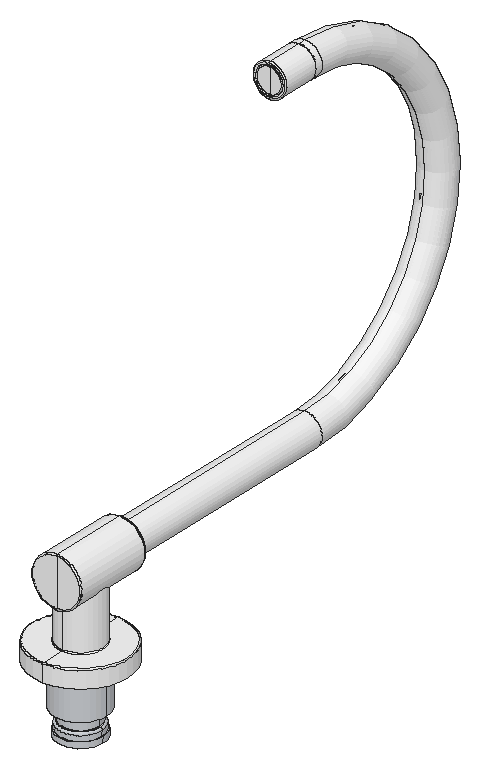
Revit family "Reece_Tap_Sussex_Scala_Wall Sink Outlet_Swivel", category Plumbing Fixtures, host Face, Revit 2018
Family settings
  Host = Face
  Round Connector Dimension = Use Diameter
  Part Type = Normal
  Cut with Voids When Loaded = No
  Shared = Yes
  Room Calculation Point = Yes
Parameters (values of type "236 mm_3 Star_Chrome")
  WFU = 0  # constant formula
  URL = "https://www.reece.com.au/product/-2261615"
  Type Comments = "Tap"
  Reece_Tap_Reach = 237 mm  # constant formula
  Reece_Tap_Inlet = 12 mm  # constant formula
  Reece_Tap_Height = 265 mm  # constant formula
  Reece_Tap_Clearance = 135 mm  # constant formula
  Reece_Product_Web Page = "https://www.reece.com.au/product/-2261615"
  Reece_Product_Type = "Tap"  # constant formula
  Reece_Product_Sub Brand = "Scala"  # constant formula
  Reece_Product_Number = "2261615"
  Reece_Product_Mount = "Wall Mounted"
  Reece_Product_Description = "Sussex Scala Wall Sink Swivel Outlet Chrome (3 Star)"
  Reece_Product_Brand = "Sussex"  # constant formula
  Reece_Overall_Height = 292 mm  # constant formula
  Reece_Material_Main = Reece_Brass_Chrome
  Reece_Detail_Type = "Wall Sink Outlet"  # constant formula
  Reece_Detail_Disclaimer = "THIS FILE IS THE PROPERTY OF THE REECE GROUP. IT MAY NOT BE REPRODUCED, REVERSE-ENGINEERED OR MODIFIED. ANY REPUBLICATION, TRANSMISSION OR DISTRIBUTION FOR THE PURPOSE OF COMMERCIALLY EXPLOITING THE FILES IS PROHIBITED."  # constant formula
  Reece_Detail_Additional = "Swivel"  # constant formula
  Model = "Scala"
  Manufacturer = "Sussex"
  Keynote = "Product #2261615, Reece_Tap_Sussex_Scala_Wall Sink Outlet_Swivel - 236 mm_3 Star_Chrome"
  HWFU = 0  # constant formula
  Disclaimer = "THIS FILE IS THE PROPERTY OF THE REECE GROUP. IT MAY NOT BE REPRODUCED, REVERSE-ENGINEERED OR MODIFIED. ANY REPUBLICATION, TRANSMISSION OR DISTRIBUTION FOR THE PURPOSE OF COMMERCIALLY EXPLOITING THE FILES IS PROHIBITED."  # constant formula
  Description = "Scala Wall Sink Swivel Outlet Chrome (3 Star)"
  Default Elevation = 1000 mm
  CWFU = 0  # constant formula
Types (2, lengths in mm): name | URL | Reece_Product_Web Page | Reece_Product_Number | Reece_Product_Description | Reece_Material_Main | Keynote | Description
  236 mm_3 Star_Chrome | "https://www.reece.com.au/product/-2261615" | "https://www.reece.com.au/product/-2261615" | "2261615" | "Sussex Scala Wall Sink Swivel Outlet Chrome (3 Star)" | Reece_Brass_Chrome | "Product #2261615, Reece_Tap_Sussex_Scala_Wall Sink Outlet_Swivel - 236 mm_3 Star_Chrome" | "Scala Wall Sink Swivel Outlet Chrome (3 Star)"
  236 mm_3 Star_Satin Chrome | "https://www.reece.com.au/product/-2261660" | "https://www.reece.com.au/product/-2261660" | "2261660" | "Sussex Scala Wall Sink Swivel Outlet Satin Chrome (3 Star)" | Reece_Brass_Satin Chrome | "Product #2261660, Reece_Tap_Sussex_Scala_Wall Sink Outlet_Swivel - 236 mm_3 Star_Satin Chrome" | "Scala Wall Sink Swivel Outlet Satin Chrome (3 Star)"
Reference planes
  plane 1 "Center (Front/Back)": y = 0
  plane 2 "Bottom": z = 0
  plane 3 "Center (Left/Right)": x = 0
  plane 4 "Top": z = 237
  plane 5: z = 47
  plane 6: y = 265
  plane 7: x = -27
  plane 8: x = 27
  plane 9: y = -12.5
  plane 10: y = 12.5
  plane 11: x = -12.5
  plane 12: x = 12.5
  plane 13: x = -14
  plane 14: x = 14
  plane 15: y = -27
  plane 16: y = 27
  plane 17: z = 246.5
Forms (mm)
  Revolve 1, solid, material "Reece_Brass_Chrome" <- "Reece_Material_Main"
    sketch origin (0, 0, 0) x (0, 1, 0) y (0, 0, 1)
      loop
        line (28.3, 47) -> (31.1, 47) -> (31.1, 56.5)
        arc (31.1, 56.5) -> (30.345, 59.193) -> (28.3, 61.1) r 5.179
        line (28.3, 61.1) -> (28.3, 47)
      axis (31.1, 47) -> (28.3, 47)
    angle from 0 to 360
  Sweep 2, solid, material "Reece_Brass_Chrome" <- "Reece_Material_Main"
    path origin (0, -2.031, 0) x (0, 1, 0) y (0, 0, 1)
      loop
        line (28.3, 47) -> (162.528, 47)
        arc (162.528, 47) -> (257.528, 142) -> (162.528, 237) r 95
        line (162.528, 237) -> (158.428, 237)
    profile origin (0, 93.383, 47) x (0, 0, 1) y (1, 0, 0)
      loop
        circle (0, 0) r 9.5
      loop
        circle (0, 0) r 7
  Revolve 3, solid, material "Reece_Brass_Chrome" <- "Reece_Material_Main"
    sketch origin (0, 12.7, 0) x (0, 1, 0) y (0, 0, 1)
      loop
        line (144.834, 237) -> (144.834, 245.719) -> (143.3, 245.719) -> (143.3, 246.5) -> (122.8, 246.5)
        arc (122.8, 246.5) -> (122.446, 246.354) -> (122.3, 246) r 0.5
        line (122.3, 246) -> (122.3, 244.937) -> (123.488, 244.937) -> (123.488, 244.087) -> (122.3, 243.878) -> (122.3, 237) -> (144.834, 237)
      axis (144.834, 237) -> (122.3, 237)
    angle from 0 to 360
  Extrusion 4, void
    sketch origin (0, 0, 0) x (1, 0, 0) y (0, 1, 0)
      loop
        circle (0, 0) r 18
    from 0 to -50
  Revolve 5, solid
    sketch origin (128.901, 0, 1219.2) x (1, 0, 0) y (0, 0, 1)
      loop
        line (-130.291, -1261.136) -> (-128.901, -1261.136) -> (-128.901, -1219.2) -> (-143.874, -1219.2) -> (-143.874, -1242.939) -> (-139.681, -1242.939) -> (-139.681, -1249.636) -> (-139.115, -1250.202) -> (-139.915, -1250.202)
        arc (-139.915, -1250.202) -> (-140.755, -1250.55) -> (-141.103, -1251.39) r 1.188
        line (-141.103, -1251.39) -> (-141.103, -1254.152) -> (-141.903, -1254.152) -> (-141.903, -1257.398) -> (-132.464, -1257.398) -> (-130.291, -1261.136)
      axis (-128.901, -1219.2) -> (-128.901, -1261.136)
    angle from 0 to 360
  Revolve 6, solid, material "Reece_Brass_Chrome" <- "Reece_Material_Main"
    sketch origin (0, 0, 0) x (0, 1, 0) y (0, 0, 1)
      loop
        line (0, 47) -> (-12.5, 47) -> (-12.5, 10.5)
        arc (-12.5, 10.5) -> (-12.646, 10.146) -> (-13, 10) r 0.5
        line (-13, 10) -> (-26.5, 10)
        arc (-26.5, 10) -> (-26.854, 9.854) -> (-27, 9.5) r 0.5
        line (-27, 9.5) -> (-27, 0) -> (0, 0) -> (0, 47)
      axis (0, 47) -> (0, 0)
    angle from 0 to 360
  Revolve 7, solid, material "Reece_Brass_Chrome" <- "Reece_Material_Main"
    sketch origin (0, 0, 0) x (0, 1, 0) y (0, 0, 1)
      loop
        line (28.773, 47) -> (28.773, 60.314) -> (27.965, 60.314) -> (27.965, 61.1) -> (-16.7, 61.1)
        arc (-16.7, 61.1) -> (-17.054, 60.954) -> (-17.2, 60.6) r 0.5
        line (-17.2, 60.6) -> (-17.2, 47) -> (28.773, 47)
      axis (28.773, 47) -> (-17.2, 47)
    angle from 0 to 360
Cuts and joins
  Extrusion 4 cuts Revolve 1
  joined: Revolve 1, Sweep 2, Revolve 6, Revolve 7
Text (mm)
  text "Reece Copyright © 2018, Reece Ltd." at (-1403.988, -1192.393, 0), in view "Ref. Level"
  text "Reece ©" at (44.384, 258.95, 192.345), in view "Reece Preview"
Dimensions and locks
  plane 4 "Top" to plane 2 "Bottom" = 237 mm  (x2)
  plane 5 to plane 2 "Bottom" = 47 mm  (x2)
  plane 1 "Center (Front/Back)" to plane 6 = 265 mm
  plane 7 to plane 8 = 54 mm
  plane 6 to plane 1 "Center (Front/Back)" = 265 mm
  "Reece_Tap_Reach": plane 4 "Top" to plane 2 "Bottom"
  plane 12 to plane 11 = 25 mm
  plane 13 to plane 14 = 28 mm
  "Reece_Overall_Height": plane 6 to plane 15
  plane 16 to plane 15 = 54 mm
  plane 17 to plane 2 "Bottom" = 246.5 mm
  Revolve 3 to plane 1 "Center (Front/Back)" = 135 mm
  "Reece_Tap_Height": plane 6 to plane 1 "Center (Front/Back)"
  aligned and locked: plane 2 "Bottom" to host face
  aligned and locked: level to host face
Automatic sketch dimensions
  host sketch curve to host sketch curve = 380.785 mm
  host sketch curve to host sketch curve = 317.421 mm
  Sweep 2 sketch curve to Sweep 2 sketch curve = 0 mm  (x2)
  Sweep 2 sketch curve to profile plane = 0 mm  (x2)
  Sweep 2 sketch curve to plane 5 = 0 mm
  Sweep 2 sketch curve to plane 4 "Top" = 0 mm
  Sweep 2 sketch curve to plane 6 = 104.503 mm
  Sweep 2 sketch curve to Sweep 2 sketch curve = 4.1 mm
  plane 16 to Sweep 2 sketch curve = 0.731 mm
  plane 1 "Center (Front/Back)" to Extrusion 4 sketch curve = 0 mm
  Extrusion 4 sketch curve to plane 3 "Center (Left/Right)" = 0 mm
  Revolve 5 sketch curve to level = 0 mm
  Revolve 5 sketch curve to plane 3 "Center (Left/Right)" = 0 mm  (x2)
  Revolve 5 sketch curve to plane 3 "Center (Left/Right)" = 1.39 mm
  Revolve 5 sketch curve to plane 3 "Center (Left/Right)" = 3.563 mm
  plane 11 to Revolve 5 sketch curve = 2.286 mm
  Revolve 5 sketch curve to Revolve 5 sketch curve = 0.566 mm  (x2)
  Revolve 5 sketch curve to Revolve 5 sketch curve = 0.8 mm
  plane 11 to Revolve 5 sketch curve = 0.298 mm
  Revolve 5 sketch curve to plane 11 = 0.502 mm
  plane 13 to Revolve 5 sketch curve = 0.973 mm
  Revolve 5 sketch curve to level = 23.739 mm
  Revolve 5 sketch curve to Revolve 5 sketch curve = 6.697 mm
  Revolve 5 sketch curve to Revolve 5 sketch curve = 2.762 mm
  Revolve 5 sketch curve to Revolve 5 sketch curve = 3.246 mm
  Revolve 5 sketch curve to Revolve 5 sketch curve = 3.739 mm
  Revolve 5 sketch curve to Revolve 5 sketch curve = 0.681 mm
  level to Revolve 5 sketch curve = 8.93 mm
  Revolve 1 sketch curve to plane 5 = 0 mm  (x2)
  plane 16 to Revolve 1 sketch curve = 1.079 mm
  Revolve 1 sketch curve to plane 16 = 1.3 mm
  Revolve 1 sketch curve to Revolve 1 sketch curve = 9.5 mm
  plane 10 to Revolve 1 sketch curve = 3.6 mm
  Revolve 1 sketch curve to Revolve 1 sketch curve = 2.8 mm
  Revolve 1 sketch curve to plane 9 = 7.052 mm
  Revolve 7 sketch curve to plane 5 = 0 mm  (x2)
  Revolve 7 sketch curve to plane 9 = 4.7 mm
  Revolve 7 sketch curve to Revolve 7 sketch curve = 0.5 mm
  Revolve 7 sketch curve to plane 16 = 0.965 mm
  plane 5 to Revolve 7 sketch curve = 13.314 mm
  Revolve 7 sketch curve to Revolve 7 sketch curve = 13.6 mm
  Revolve 7 sketch curve to Revolve 7 sketch curve = 2.352 mm
  plane 10 to Revolve 7 sketch curve = 3.6 mm
  Revolve 7 sketch curve to Revolve 7 sketch curve = 0.808 mm
  Revolve 3 sketch curve to plane 4 "Top" = 0 mm  (x2)
  plane 17 to Revolve 3 sketch curve = 0 mm
  plane 17 to Revolve 3 sketch curve = 1.562 mm
  Revolve 3 sketch curve to plane 16 = 108 mm
  Revolve 3 sketch curve to Revolve 3 sketch curve = 0 mm
  Revolve 3 sketch curve to Revolve 3 sketch curve = 1.188 mm
  plane 17 to Revolve 3 sketch curve = 0.781 mm
  Revolve 3 sketch curve to Revolve 3 sketch curve = 19.812 mm
  Revolve 3 sketch curve to Revolve 3 sketch curve = 1.534 mm  (x2)
  Revolve 3 sketch curve to Revolve 3 sketch curve = 1.06 mm
  Revolve 3 sketch curve to Revolve 3 sketch curve = 0.85 mm
  plane 17 to Revolve 3 sketch curve = 0.5 mm
  Revolve 3 sketch curve to Revolve 3 sketch curve = 6 mm
  Revolve 6 sketch curve to plane 15 = 0 mm
  Revolve 6 sketch curve to plane 5 = 0 mm
  Revolve 6 sketch curve to plane 9 = 0 mm
  Revolve 6 sketch curve to plane 1 "Center (Front/Back)" = 0 mm  (x2)
  level to Revolve 6 sketch curve = 0 mm
  Revolve 6 sketch curve to Revolve 6 sketch curve = 0.5 mm  (x2)
  Revolve 6 sketch curve to Revolve 6 sketch curve = 9.5 mm
  Revolve 6 sketch curve to level = 11.683 mm
  Revolve 6 sketch curve to Revolve 6 sketch curve = 7.817 mm
  radius of Sweep 2 sketch curve = 9.5 mm
  radius of Sweep 2 sketch curve = 7 mm
  radius of Extrusion 4 sketch curve = 18 mm
Connectors
  piping at (0, 0, -38.198), diameter 12, driven by "Reece_Tap_Inlet"
    settings: on Revolve 5, index 1, connector inside diameter 609.6 mm, connector length 0 mm, flow factor 0, pipe flow 0.0 L/s, pressure drop 0.0 Pa, fitting loss kfactor 0, connector angle 0.00°, fixture units 0, engagement length 0 mm, angle of deflection 0.00°, flow configuration 0, flow direction 1, fitting loss method 0, system type 29, joint type 0, gender type 0, connector reference index -1, connector utility 0, adjustable connector no, is connector primary yes, connector description ""
